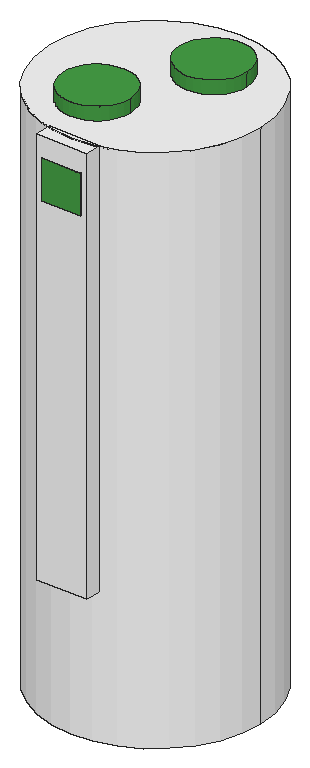
Revit family "RSJ-15-275RDN7-L1", category Mechanical Equipment, Revit 2013
Parameters (values of type "RSJ-15/275RDN7-L1")
  clearance access up = 0.000 mm
  clearance access right = 0.000 mm
  clearance access left = 0.000 mm
  clearance [instance] = no
  Width = 695.000 mm
  Water outlet pipe = 20.000 mm
  Water inlet pipe = 20.000 mm
  URL = ""
  Storage size = 275.0 L
  Series = "Combo"
  Power supply = "1 phase, 220-240V, 50Hz"
  Panel color = "Polar white"
  PTR valve joint = 0.000 mm
  Net Weight = 123.00 kg
  Model = "RSJ-15/275RDN7-L1"
  Min cable selection (power wiring) = ""
  Maximum Fuse Amps = 0 A
  Max. current = 0 A
  Manufacturer = ""
  Machine material = Galvanized Steel
  Length = 660.000 mm
  Installation = "Unit installation"
  Height = 1895.000 mm
  Heat pump Water heating Capacity = 0 W
  Gas = "R290"
  Drain pipe = 20.000 mm
  Description = "Heat Pump Water"
  Condensation = ""
  Air  Flow = "450 m3/h"
Reference planes
  plane 1 "center(front/back)": y = 0
  plane 2: z = 0
  plane 3 "center(left/right)": x = 0
  plane 4: y = -365
  plane 5: y = 330
  plane 6: y = -220
  plane 7: x = 325
  plane 8: x = -325
  plane 9: z = 1707
  plane 10: z = 69.235
  plane 11: x = -79
  plane 12: x = 79
Forms (mm)
  Extrusion 1, solid, material "HXL White", detail levels medium+fine
    sketch origin (0, 0, 0) x (1, 0, 0) y (0, 1, 0)
      loop
        circle (0, 0) r 330
    from 1667 to 0
  Extrusion 2, solid, material "HXL White", detail levels fine
    sketch origin (0, 0, -20) x (0, 1, 0) y (0, 0, 1)
      loop
        line (-365, 1687) -> (-365, 440) -> (-315, 440) -> (-315, 1687) -> (-365, 1687)
    from 79 to -79
  Extrusion 3, solid, material "HXL Green"
    sketch origin (-70, -140, 0) x (1, 0, 0) y (0, 1, 0)
      loop
        circle (0, 0) r 105
    from 1707 to 1667
  Extrusion 4, solid, material "HXL Green"
    sketch origin (0, 0, 220) x (1, 0, 0) y (0, 0, 1)
      loop
        line (-60, 1386.001) -> (-60, 1266.001) -> (60, 1266.001) -> (60, 1386.001) -> (-60, 1386.001)
    from 365 to 367
  Extrusion 5, solid, material "HXL Green"
    sketch origin (70, 140, 0) x (-1, 0, 0) y (0, -1, 0)
      loop
        circle (0, 0) r 105
    from 1707 to 1667
  Extrusion 6, solid, material "HXL White"
    sketch origin (-5.25, -79, 0) x (0, -1, 0) y (0, 0, 1)
      loop
        circle (-79, 1206.276) r 10
    from 341.705 to 273.694
  Extrusion 7, solid, material "HXL White"
    sketch origin (-34.566, -63.68, 0) x (-0.258819, -0.965926, 0) y (0, 0, 1)
      loop
        circle (-79, 1206.276) r 10
    from 340.903 to 273.86
  Extrusion 8, solid, material "HXL White"
    sketch origin (-5.25, -79, -1020) x (0, -1, 0) y (0, 0, 1)
      loop
        circle (-79, 1206.276) r 10
    from 350.855 to 297.368
Lines and regions (mm)
  model lines
    curve 1: arc (330, 0, 1667) -> (0, 330, 1667) -> (-330, 0, 1667) r 330
    curve 2: arc (-330, 0, 1667) -> (0, -330, 1667) -> (330, 0, 1667) r 330
    curve 3: arc (330, 0, 0) -> (0, 330, 0) -> (-330, 0, 0) r 330
    curve 4: arc (-330, 0, 0) -> (0, -330, 0) -> (330, 0, 0) r 330
Dimensions and locks
  aligned and locked: level to plane 2
  aligned and locked: plane 9 to Extrusion 5
Connectors
  electrical at (0, -365, 1043.5)
    settings: on Extrusion 2, index 5, voltage 220 V, apparent load 0 VA, apparent load phase1 0 VA, apparent load phase2 0 VA, apparent load phase3 0 VA, power factor 1, load classification "Other", number of poles 1, system type 30, power factor state 1, is connector primary yes, connector utility no, sub classification motor no, connector description ""
  piping at (-346.955, 0, 1206.276)
    settings: on Extrusion 6, index 6, connector radius 10 mm, flow factor 0, pipe flow 0.0 m³/h, pressure drop 0.0 Pa, fitting loss kfactor 0, connector angle 0.00°, fixture units 0, engagement length 0.000 mm, flow configuration 0, flow direction 0, fitting loss method 0, system type 7, joint type 0, gender type 0, connector reference index -1, connector utility 0, adjustable connector no, is connector primary yes, fitting loss table "", connector description ""
  piping at (-343.406, 100.86, 1206.276)
    settings: on Extrusion 7, index 7, connector radius 10 mm, flow factor 0, pipe flow 0.0 m³/h, pressure drop 0.0 Pa, fitting loss kfactor 0, connector angle 0.00°, fixture units 0, engagement length 0.000 mm, flow configuration 0, flow direction 0, fitting loss method 0, system type 7, joint type 0, gender type 0, connector reference index -1, connector utility 0, adjustable connector no, is connector primary no, fitting loss table "", connector description ""
  piping at (-356.105, 0, 186.276)
    settings: on Extrusion 8, index 8, connector radius 10 mm, flow factor 0, pipe flow 0.0 m³/h, pressure drop 0.0 Pa, fitting loss kfactor 0, connector angle 0.00°, fixture units 0, engagement length 0.000 mm, flow configuration 0, flow direction 0, fitting loss method 0, system type 7, joint type 0, gender type 0, connector reference index -1, connector utility 0, adjustable connector no, is connector primary no, fitting loss table "", connector description ""
